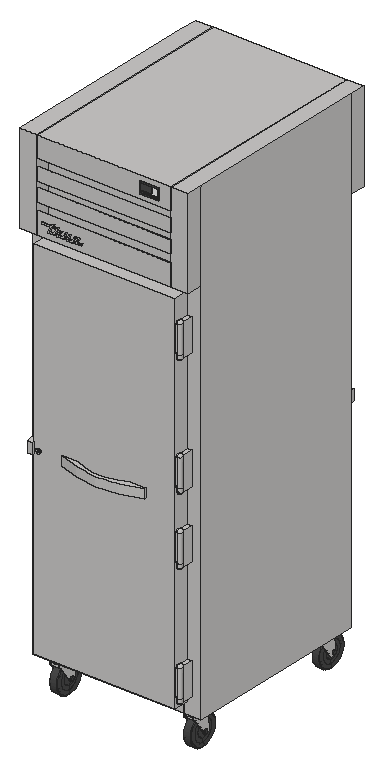
Revit family "QF_TRUE_STG1FPT-1S-1S", category Specialty Equipment, Revit 2012
Parameters
  Weight in Pounds = 0
  Watts = if(Phase = 3, Volts * FL Amps * 1.73, Volts * FL Amps)  # 1000.5 W
  Volts = 115 V
  URL Cutsheet = "www.truemfg.com"
  URL = "www.truemfg.com"
  Type Mark [instance] = ""
  Type Comments = ""
  Status [instance] = ""
  Specification by User [instance] = ""
  Specification by Manufacturer = ""
  Show Seismic Flanged [instance] = no
  Show Logo [instance] = yes
  Show Legs [instance] = no
  Show Clearance [instance] = yes
  Serial Number = ""
  Seismic Rating = ""
  Seismic Plate [instance] = and(Show Seismic Flanged, not(Show Casters))  # no
  SMACNA No = ""
  Revision Code [instance] = ""
  Phase = 1
  Omniclass Number and Title = ""
  Number of Poles [instance] = 1
  NAFEM Spec ID Number = ""
  Model = "STG1FPT-1S-1S"
  Min Ckt Ampacity = 0 A
  Max Overcurrent Protection = 0 A
  Masterspec = ""
  Manufacturer = "TRUE FOOD SERVICE EQUIPMENT, INC."
  Length = 27 1/2"
  Legs [instance] = or(Show Legs, Show Seismic Flanged)  # no
  Item Number [instance] = ""
  Installed By [instance] = ""
  Identify Quantity as Lot [instance] = yes
  Height = 77 3/4"
  HP = "3/4"
  Furnished By [instance] = ""
  Foodservice Equipment Identifier [instance] = yes
  FL Amps = 8.7 A
  Electrical Remarks = ""
  Electric Connection Type [instance] = ""
  Elec Conn RI Height [instance] = 0"
  Elec Conn Connection Height [instance] = 0"
  Description = "PASS-THRU SOLID FRONT/SOLID REAR SWING DOORS FREEZER WITH LED LIGHTING"
  Depth = 36 1/8"
  Cycle = 60 Hz
  Conn Plug = "5-15P"
  Conn Conduit = yes
  Show Casters [instance] = and(not(if(Show Legs, Show Legs, Show Legs)), not(if(Show Legs, Show Legs, Show Seismic Flanged)))  # yes
  CSI MasterFormat = ""
  CSI Master Format = ""
  Apparent Power = if(Phase = 3, Volts * FL Amps * 1.73, Volts * FL Amps)  # 1000.5 VA
Reference planes (in)
  plane 1: z = 0
  plane 2 "LEFT": x = 0
  plane 3 "RIGHT": x = 27.5
  plane 4 "FRONT": y = -33.375
  plane 5 "TOP": z = 84.125
  plane 6: z = 6.125
  plane 7: y = 2.75
  plane 8: y = -56.40625
  plane 9: y = 25.78125
Forms (in)
  Extrusion 1, solid, material "QF_Finishes_Stainless Steel"
    sketch origin (0.05, 0, 0) x (1, 0, 0) y (0, 1, 0)
      loop
        line (-0.05, 0) -> (-0.05, -30.625) -> (2.80938, -30.625) -> (2.80938, 0) -> (-0.05, 0)
    from 6.125 to 84.125
  Extrusion 2, solid, material "QF_Finishes_Stainless Steel"
    sketch origin (50.15, 0, 0) x (1, 0, 0) y (0, 1, 0)
      loop
        line (-25.50937, 0) -> (-25.50937, -30.625) -> (-22.65, -30.625) -> (-22.65, 0) -> (-25.50937, 0)
    from 6.125 to 84.125
  Extrusion 3, solid, material "QF_Finishes_Stainless Steel"
    sketch origin (0, 0, 0) x (0, 1, 0) y (0, 0, 1)
      loop
        line (-33.1875, 69.5) -> (-30.625, 69.5) -> (-30.625, 64.875) -> (0, 64.875) -> (0, 69.5) -> (2.5625, 69.5) -> (2.5625, 73.1597) -> (0.49784, 71.69166) -> (0.49784, 72.96723) -> (2.5625, 74.43527) -> (2.5625, 76.53148) -> (0.49784, 75.06344) -> (0.49784, 76.0242) -> (2.5625, 77.49224) -> (2.5625, 79.62595) -> (0.49784, 78.15791) -> (0.49784, 79.28018) -> (2.5625, 80.74822) -> (2.5625, 84.125) -> (-33.1875, 84.125) -> (-33.1875, 80.68002) -> (-31.125, 79.21352) -> (-31.125, 78.09125) -> (-33.1875, 79.55776) -> (-33.1875, 77.42405) -> (-31.125, 75.95754) -> (-31.125, 74.99678) -> (-33.1875, 76.46328) -> (-33.1875, 74.36708) -> (-31.125, 72.90057) -> (-31.125, 71.625) -> (-33.1875, 73.09151) -> (-33.1875, 69.5)
      loop
        line (-30.625, 6.125) -> (0, 6.125) -> (0, 8.94743) -> (-30.625, 8.94743) -> (-30.625, 6.125)
    from 2.85938 to 24.64062
  Extrusion 4, solid, material "QF_Finishes_Stainless Steel"
    sketch origin (0, 0, 0) x (1, 0, 0) y (0, 1, 0)
      loop
        line (27.45312, -30.625) -> (24.64062, -30.625) -> (24.64062, -33.1875) -> (27.45312, -33.1875) -> (27.45312, -30.625)
    from 69.5 to 84.125
  Extrusion 5, solid, material "QF_Finishes_Stainless Steel"
    sketch origin (-50.125, 0, 0.25) x (1, 0, 0) y (0, 1, 0)
      loop
        line (52.98437, -30.625) -> (50.17188, -30.625) -> (50.17188, -33.1875) -> (52.98437, -33.1875) -> (52.98437, -30.625)
    from 69.25 to 83.875
  Extrusion 6, solid, material "QF_Finishes_Stainless Steel", visible <- "Show Logo"
    sketch origin (0.33478, 1.45673, -6.73143) x (1, 0, 0) y (0, 0, 1)
      loop
        line (3.46044, 78.46231) -> (3.35478, 78.23573) -> (4.76027, 78.23573)
        arc (4.76027, 78.23573) -> (4.78879, 78.18528) -> (4.76027, 78.13484) r 0.05887
        line (4.76027, 78.13484) -> (4.39369, 77.34872)
        arc (4.39369, 77.34872) -> (4.39051, 77.27591) -> (4.43975, 77.22217) r 0.09523
        line (4.43975, 77.22217) -> (5.33844, 77.22217)
        arc (5.33844, 77.22217) -> (5.45192, 77.25795) -> (5.52436, 77.35235) r 0.19785
        line (5.52436, 77.35235) -> (5.81285, 77.97101) -> (6.0779, 77.97101)
        arc (6.0779, 77.97101) -> (6.14744, 77.94543) -> (6.13737, 77.87203) r 0.05911
        line (6.13737, 77.87203) -> (5.89598, 77.35437)
        arc (5.89598, 77.35437) -> (5.89974, 77.2684) -> (5.97231, 77.22217) r 0.09318
        line (5.97231, 77.22217) -> (6.76198, 77.22217)
        arc (6.76198, 77.22217) -> (6.82249, 77.24419) -> (6.85468, 77.29995) r 0.09412
        arc (6.85468, 77.29995) -> (6.87746, 77.24495) -> (6.93246, 77.22217) r 0.07778
        line (6.93246, 77.22217) -> (7.43246, 77.22217)
        arc (7.43246, 77.22217) -> (7.49022, 77.23765) -> (7.53251, 77.27993) r 0.11552
        arc (7.53251, 77.27993) -> (7.55275, 77.23106) -> (7.60162, 77.21081) r 0.06912
        line (7.60162, 77.21081) -> (8.31225, 77.21081)
        arc (8.31225, 77.21081) -> (8.37034, 77.23488) -> (8.39441, 77.29297) r 0.08216
        arc (8.39441, 77.29297) -> (8.44767, 77.23972) -> (8.52042, 77.22022) r 0.14551
        line (8.52042, 77.22022) -> (9.85158, 77.22022) -> (9.99946, 77.47634) -> (8.65678, 77.47634)
        arc (8.65678, 77.47634) -> (8.61972, 77.50204) -> (8.61834, 77.54711) r 0.05009
        line (8.61834, 77.54711) -> (8.64157, 77.59692)
        arc (8.64157, 77.59692) -> (8.67723, 77.64364) -> (8.73327, 77.66135) r 0.09747
        line (8.73327, 77.66135) -> (9.16485, 77.66135)
        arc (9.16485, 77.66135) -> (9.258, 77.68631) -> (9.32619, 77.7545) r 0.1863
        line (9.32619, 77.7545) -> (9.45119, 77.97101)
        arc (9.45119, 77.97101) -> (9.45119, 78.08657) -> (9.35111, 78.14434) r 0.11556
        line (9.35111, 78.14434) -> (8.89562, 78.14434)
        arc (8.89562, 78.14434) -> (8.7795, 78.12462) -> (8.69849, 78.03912) r 0.18605
        line (8.69849, 78.03912) -> (8.48204, 77.57493)
        arc (8.48204, 77.57493) -> (8.41815, 77.49167) -> (8.31806, 77.46011) r 0.1745
        line (8.31806, 77.46011) -> (7.84559, 77.46011)
        arc (7.84559, 77.46011) -> (7.78903, 77.52184) -> (7.79268, 77.60548) r 0.10939
        line (7.79268, 77.60548) -> (8.04395, 78.14434) -> (7.88403, 78.14434) -> (7.61781, 77.57344)
        arc (7.61781, 77.57344) -> (7.56609, 77.50603) -> (7.48505, 77.48048) r 0.14128
        line (7.48505, 77.48048) -> (7.15925, 77.48048)
        arc (7.15925, 77.48048) -> (7.10419, 77.55223) -> (7.116, 77.64189) r 0.11816
        line (7.116, 77.64189) -> (7.3503, 78.14434) -> (7.18514, 78.14434) -> (6.91546, 77.566)
        arc (6.91546, 77.566) -> (6.85285, 77.50339) -> (6.76733, 77.48048) r 0.17104
        line (6.76733, 77.48048) -> (6.29555, 77.48048)
        arc (6.29555, 77.48048) -> (6.21082, 77.51999) -> (6.20267, 77.61313) r 0.0935
        line (6.20267, 77.61313) -> (6.35774, 77.94569) -> (6.57695, 77.94569)
        arc (6.57695, 77.94569) -> (6.61395, 78.05717) -> (6.69267, 78.14434) r 0.2857
        line (6.69267, 78.14434) -> (5.83605, 78.14434)
        arc (5.83605, 78.14434) -> (5.74086, 78.12324) -> (5.67498, 78.05135) r 0.16212
        line (5.67498, 78.05135) -> (5.44279, 77.55341)
        arc (5.44279, 77.55341) -> (5.3894, 77.50002) -> (5.31647, 77.48048) r 0.14586
        line (5.31647, 77.48048) -> (4.80506, 77.48048)
        arc (4.80506, 77.48048) -> (4.76514, 77.53442) -> (4.77274, 77.60109) r 0.09155
        line (4.77274, 77.60109) -> (5.11018, 78.23573) -> (5.96155, 78.23573) -> (6.06721, 78.46231) -> (5.21584, 78.46231) -> (5.32149, 78.68888) -> (5.01862, 78.68888) -> (4.91297, 78.46231) -> (3.46044, 78.46231)
      loop
        arc (8.83805, 77.93863) -> (8.80119, 77.92875) -> (8.7742, 77.90176) r 0.07373
        line (8.7742, 77.90176) -> (8.75229, 77.83436)
        arc (8.75229, 77.83436) -> (8.76245, 77.80983) -> (8.78699, 77.79966) r 0.0347
        line (8.78699, 77.79966) -> (9.15948, 77.79966)
        arc (9.15948, 77.79966) -> (9.18632, 77.80561) -> (9.20812, 77.82234) r 0.0635
        line (9.20812, 77.82234) -> (9.22624, 77.90622)
        arc (9.22624, 77.90622) -> (9.22091, 77.92868) -> (9.20009, 77.93863) r 0.02676
        line (9.20009, 77.93863) -> (8.83805, 77.93863)
    from 34.64423 to 34.83173
  Extrusion 7, solid, material "QF_Finishes_Stainless Steel"
    sketch origin (-25.125, 2.6875, 0) x (1, 0, 0) y (0, 0, 1)
      loop
        circle (49.375, 82) r 0.25
    from 0.23221 to 0.125
  Blend 8, solid, material "QF_Finishes_Stainless Steel"
    base sketch origin (27.53125, 0.1875, -0.03527) x (-1, 0, 0) y (0, 0, -1)
      loop
        line (25.25, -38.99169) -> (26, -38.99169) -> (26, -37.24169) -> (25.25, -37.24169) -> (25.25, -38.99169)
    top sketch origin (27.53125, 0.1875, -0.03527) x (-1, 0, 0) y (0, 0, -1)
      loop
        line (26.18223, -36.6441) -> (25.25, -36.6441) -> (25.25, -39.42643) -> (26.18223, -39.42643) -> (26.18223, -36.6441)
    from 33.57883 to 31.1875
  Extrusion 9, solid, material "QF_Finishes_Stainless Steel"
    sketch origin (26.21875, 0.1875, 0) x (0, 1, 0) y (0, 0, -1)
      loop
        line (-30.8125, -64.55229) -> (-30.8125, -59.23627) -> (-32.875, -59.23627) -> (-32.875, -59.94848) -> (-32.43997, -59.94848) -> (-32.43997, -64.34776)
        arc (-32.43997, -64.34776) -> (-32.38006, -64.49238) -> (-32.23544, -64.55229) r 0.20453
        line (-32.23544, -64.55229) -> (-30.8125, -64.55229)
    from 0.17506 to 1
  Revolve 10, solid, material "QF_Finishes_Stainless Steel"
    sketch origin (25.71875, 0.1875, 0) x (0, 1, 0) y (0, 0, -1)
      loop
        line (-32.89063, -60.00189) -> (-33.29729, -60.00189) -> (-33.29729, -64.4736)
        arc (-33.29729, -64.4736) -> (-33.16222, -64.72557) -> (-32.89063, -64.81483) r 0.3848
        line (-32.89063, -64.81483) -> (-32.89063, -60.00189)
      loop
        line (-32.89063, -59.94848) -> (-32.89063, -59.04781)
        arc (-32.89063, -59.04781) -> (-33.15764, -59.13383) -> (-33.29729, -59.37712) r 0.38884
        line (-33.29729, -59.37712) -> (-33.29729, -59.94848) -> (-32.89063, -59.94848)
      axis (-32.89063, -59.04781) -> (-32.89063, -64.81483)
    angle from 0 to 360
  Extrusion 11, solid, material "QF_Finishes_Stainless Steel"
    sketch origin (27.53125, 0.5625, 0) x (-1, 0, 0) y (0, 0, -1)
      loop
        line (1.91491, -64.4736) -> (2.3125, -64.4736) -> (2.3125, -60.00079) -> (1.91491, -60.00079) -> (1.91491, -64.4736)
    from 32.81497 to 33.59495
  Extrusion 12, solid, material "QF_Finishes_Stainless Steel"
    sketch origin (26.21875, 0.1875, -19.5) x (0, 1, 0) y (0, 0, -1)
      loop
        line (-30.8125, -64.55229) -> (-30.8125, -59.23627) -> (-32.875, -59.23627) -> (-32.875, -59.94848) -> (-32.43997, -59.94848) -> (-32.43997, -64.34776)
        arc (-32.43997, -64.34776) -> (-32.38006, -64.49238) -> (-32.23544, -64.55229) r 0.20453
        line (-32.23544, -64.55229) -> (-30.8125, -64.55229)
    from 0.17506 to 1
  Revolve 13, solid, material "QF_Finishes_Stainless Steel"
    sketch origin (25.71875, 0.1875, -19.5) x (0, 1, 0) y (0, 0, -1)
      loop
        line (-32.89063, -60.00189) -> (-33.29729, -60.00189) -> (-33.29729, -64.4736)
        arc (-33.29729, -64.4736) -> (-33.16222, -64.72557) -> (-32.89063, -64.81483) r 0.3848
        line (-32.89063, -64.81483) -> (-32.89063, -60.00189)
      loop
        line (-32.89063, -59.94848) -> (-32.89063, -59.04781)
        arc (-32.89063, -59.04781) -> (-33.15764, -59.13383) -> (-33.29729, -59.37712) r 0.38884
        line (-33.29729, -59.37712) -> (-33.29729, -59.94848) -> (-32.89063, -59.94848)
      axis (-32.89063, -59.04781) -> (-32.89063, -64.81483)
    angle from 0 to 360
  Extrusion 14, solid, material "QF_Finishes_Stainless Steel"
    sketch origin (27.53125, 0.5625, -19.5) x (-1, 0, 0) y (0, 0, -1)
      loop
        line (1.91491, -64.4736) -> (2.3125, -64.4736) -> (2.3125, -60.00079) -> (1.91491, -60.00079) -> (1.91491, -64.4736)
    from 32.81497 to 33.59495
  Extrusion 15, solid, material "QF_Finishes_Stainless Steel"
    sketch origin (26.21875, 0.1875, -30.5) x (0, 1, 0) y (0, 0, -1)
      loop
        line (-30.8125, -64.55229) -> (-30.8125, -59.23627) -> (-32.875, -59.23627) -> (-32.875, -59.94848) -> (-32.43997, -59.94848) -> (-32.43997, -64.34776)
        arc (-32.43997, -64.34776) -> (-32.38006, -64.49238) -> (-32.23544, -64.55229) r 0.20453
        line (-32.23544, -64.55229) -> (-30.8125, -64.55229)
    from 0.17506 to 1
  Revolve 16, solid, material "QF_Finishes_Stainless Steel"
    sketch origin (25.71875, 0.1875, -30.5) x (0, 1, 0) y (0, 0, -1)
      loop
        line (-32.89063, -60.00189) -> (-33.29729, -60.00189) -> (-33.29729, -64.4736)
        arc (-33.29729, -64.4736) -> (-33.16222, -64.72557) -> (-32.89063, -64.81483) r 0.3848
        line (-32.89063, -64.81483) -> (-32.89063, -60.00189)
      loop
        line (-32.89063, -59.94848) -> (-32.89063, -59.04781)
        arc (-32.89063, -59.04781) -> (-33.15764, -59.13383) -> (-33.29729, -59.37712) r 0.38884
        line (-33.29729, -59.37712) -> (-33.29729, -59.94848) -> (-32.89063, -59.94848)
      axis (-32.89063, -59.04781) -> (-32.89063, -64.81483)
    angle from 0 to 360
  Extrusion 17, solid, material "QF_Finishes_Stainless Steel"
    sketch origin (27.53125, 0.5625, -30.5) x (-1, 0, 0) y (0, 0, -1)
      loop
        line (1.91491, -64.4736) -> (2.3125, -64.4736) -> (2.3125, -60.00079) -> (1.91491, -60.00079) -> (1.91491, -64.4736)
    from 32.81497 to 33.59495
  Extrusion 18, solid, material "QF_Finishes_Stainless Steel"
    sketch origin (26.21875, 0.1875, -50.25) x (0, 1, 0) y (0, 0, -1)
      loop
        line (-30.8125, -64.55229) -> (-30.8125, -59.23627) -> (-32.875, -59.23627) -> (-32.875, -59.94848) -> (-32.43997, -59.94848) -> (-32.43997, -64.34776)
        arc (-32.43997, -64.34776) -> (-32.38006, -64.49238) -> (-32.23544, -64.55229) r 0.20453
        line (-32.23544, -64.55229) -> (-30.8125, -64.55229)
    from 0.17506 to 1
  Revolve 19, solid, material "QF_Finishes_Stainless Steel"
    sketch origin (25.71875, 0.1875, -50.25) x (0, 1, 0) y (0, 0, -1)
      loop
        line (-32.89063, -60.00189) -> (-33.29729, -60.00189) -> (-33.29729, -64.4736)
        arc (-33.29729, -64.4736) -> (-33.16222, -64.72557) -> (-32.89063, -64.81483) r 0.3848
        line (-32.89063, -64.81483) -> (-32.89063, -60.00189)
      loop
        line (-32.89063, -59.94848) -> (-32.89063, -59.04781)
        arc (-32.89063, -59.04781) -> (-33.15764, -59.13383) -> (-33.29729, -59.37712) r 0.38884
        line (-33.29729, -59.37712) -> (-33.29729, -59.94848) -> (-32.89063, -59.94848)
      axis (-32.89063, -59.04781) -> (-32.89063, -64.81483)
    angle from 0 to 360
  Extrusion 20, solid, material "QF_Finishes_Stainless Steel"
    sketch origin (27.53125, 0.5625, -50.25) x (-1, 0, 0) y (0, 0, -1)
      loop
        line (1.91491, -64.4736) -> (2.3125, -64.4736) -> (2.3125, -60.00079) -> (1.91491, -60.00079) -> (1.91491, -64.4736)
    from 32.81497 to 33.59495
  Revolve 21, solid, material "QF_Finishes_Black", visible <- "Show Casters"
    sketch origin (22.65625, -27.375, 0) x (1, 0, 0) y (0, 0, 1)
      loop
        line (1.475, 5) -> (1.375, 4.9) -> (1.375, 4.29941) -> (1.53601, 4.29941) -> (1.53601, 3.54941) -> (1.375, 3.54941) -> (1.375, 2.79941) -> (0.975, 2.79941) -> (0.975, 2.5) -> (3.025, 2.5) -> (3.025, 2.79941) -> (2.62908, 2.79941) -> (2.62908, 3.54941) -> (2.46399, 3.54941) -> (2.46399, 4.29941) -> (2.62908, 4.29941) -> (2.62908, 4.89592) -> (2.525, 5) -> (1.475, 5)
      axis (3.025, 2.5) -> (0.975, 2.5)
    angle from 0 to 360
  Extrusion 22, solid, material "QF_Finishes_Stainless Steel", visible <- "Show Casters"
    sketch origin (22.65625, 0, 0) x (0, 1, 0) y (0, 0, 1)
      loop
        line (-29.57636, 5.48574) -> (-29.57636, 4.88089) -> (-29.32636, 4.88089) -> (-27.57716, 2.18736)
        arc (-27.57716, 2.18736) -> (-26.86383, 1.94868) -> (-26.47081, 2.59003) r 0.60416
        line (-26.47081, 2.59003) -> (-26.82636, 5.48574) -> (-29.57636, 5.48574)
      loop
        line (-3.8577, 5.48574) -> (-3.8577, 4.88089) -> (-3.6077, 4.88089) -> (-1.8585, 2.18736)
        arc (-1.8585, 2.18736) -> (-1.14517, 1.94868) -> (-0.75215, 2.59003) r 0.60416
        line (-0.75215, 2.59003) -> (-1.1077, 5.48574) -> (-3.8577, 5.48574)
    from 1.175 to 1.325
  Extrusion 23, solid, material "QF_Finishes_Stainless Steel", visible <- "Show Casters"
    sketch origin (24.15625, 0, 0) x (0, 1, 0) y (0, 0, 1)
      loop
        line (-29.57636, 5.48574) -> (-29.57636, 4.88089) -> (-29.32636, 4.88089) -> (-27.57716, 2.18736)
        arc (-27.57716, 2.18736) -> (-26.86383, 1.94868) -> (-26.47081, 2.59003) r 0.60416
        line (-26.47081, 2.59003) -> (-26.82636, 5.48574) -> (-29.57636, 5.48574)
      loop
        line (-3.8577, 5.48574) -> (-3.8577, 4.88089) -> (-3.6077, 4.88089) -> (-1.8585, 2.18736)
        arc (-1.8585, 2.18736) -> (-1.14517, 1.94868) -> (-0.75215, 2.59003) r 0.60416
        line (-0.75215, 2.59003) -> (-1.1077, 5.48574) -> (-3.8577, 5.48574)
    from 1.175 to 1.325
  Revolve 24, solid, material "QF_Finishes_Stainless Steel", visible <- "Show Casters"
    sketch origin (22.65625, -28.57636, -0.5) x (1, 0, 0) y (0, 0, 1)
      loop
        line (2, 5.98574) -> (2, 6.625) -> (0.70293, 6.625) -> (0.70293, 5.98574) -> (2, 5.98574)
      axis (2, 5.98574) -> (2, 6.625)
    angle from 0 to 360
  Revolve 25, solid, material "QF_Finishes_Stainless Steel", visible <- "Legs"
    sketch origin (22.65625, -2.69102, 0) x (1, 0, 0) y (0, 0, 1)
      loop
        line (2, 6.125) -> (0.66662, 6.125) -> (1.25, 1) -> (1.5, 1) -> (1.5, 0) -> (2, 0) -> (2, 6.125)
      axis (2, 0) -> (2, 6.125)
    angle from 0 to 360
  Revolve 26, solid, material "QF_Finishes_Stainless Steel", visible <- "Legs"
    sketch origin (22.65625, -28.65977, 0) x (1, 0, 0) y (0, 0, 1)
      loop
        line (2, 6.125) -> (0.66662, 6.125) -> (1.25, 1) -> (1.5, 1) -> (1.5, 0) -> (2, 0) -> (2, 6.125)
      axis (2, 0) -> (2, 6.125)
    angle from 0 to 360
  Revolve 27, solid, material "QF_Finishes_Stainless Steel", visible <- "Show Casters"
    sketch origin (22.65625, -2.4827, -0.5) x (1, 0, 0) y (0, 0, 1)
      loop
        line (2, 5.98574) -> (2, 6.625) -> (0.70293, 6.625) -> (0.70293, 5.98574) -> (2, 5.98574)
      axis (2, 5.98574) -> (2, 6.625)
    angle from 0 to 360
  Extrusion 28, solid, material "QF_Finishes_Stainless Steel", visible <- "Show Casters"
    sketch origin (-25.125, 0, 0) x (0, 1, 0) y (0, 0, 1)
      loop
        line (-29.57636, 5.48574) -> (-29.57636, 4.88089) -> (-29.32636, 4.88089) -> (-26.79033, 5.19227) -> (-26.82636, 5.48574) -> (-29.57636, 5.48574)
      loop
        line (-3.8577, 5.48574) -> (-3.8577, 4.88089) -> (-3.6077, 4.88089) -> (-1.07167, 5.19227) -> (-1.1077, 5.48574) -> (-3.8577, 5.48574)
    from 49.10625 to 50.45625
  Revolve 29, solid, material "QF_Finishes_Black", visible <- "Show Casters"
    sketch origin (22.65625, -1.21875, 0) x (1, 0, 0) y (0, 0, 1)
      loop
        line (1.475, 5) -> (1.375, 4.9) -> (1.375, 4.29941) -> (1.53601, 4.29941) -> (1.53601, 3.54941) -> (1.375, 3.54941) -> (1.375, 2.79941) -> (0.975, 2.79941) -> (0.975, 2.5) -> (3.025, 2.5) -> (3.025, 2.79941) -> (2.62908, 2.79941) -> (2.62908, 3.54941) -> (2.46399, 3.54941) -> (2.46399, 4.29941) -> (2.62908, 4.29941) -> (2.62908, 4.89592) -> (2.525, 5) -> (1.475, 5)
      axis (3.025, 2.5) -> (0.975, 2.5)
    angle from 0 to 360
  Revolve 30, solid, material "QF_Finishes_Black", visible <- "Show Casters"
    sketch origin (0.84375, -27.375, 0) x (1, 0, 0) y (0, 0, 1)
      loop
        line (1.475, 5) -> (1.375, 4.9) -> (1.375, 4.29941) -> (1.53601, 4.29941) -> (1.53601, 3.54941) -> (1.375, 3.54941) -> (1.375, 2.79941) -> (0.975, 2.79941) -> (0.975, 2.5) -> (3.025, 2.5) -> (3.025, 2.79941) -> (2.62908, 2.79941) -> (2.62908, 3.54941) -> (2.46399, 3.54941) -> (2.46399, 4.29941) -> (2.62908, 4.29941) -> (2.62908, 4.89592) -> (2.525, 5) -> (1.475, 5)
      axis (3.025, 2.5) -> (0.975, 2.5)
    angle from 0 to 360
  Extrusion 31, solid, material "QF_Finishes_Stainless Steel", visible <- "Show Casters"
    sketch origin (0.84375, 0, 0) x (0, 1, 0) y (0, 0, 1)
      loop
        line (-29.57636, 5.48574) -> (-29.57636, 4.88089) -> (-29.32636, 4.88089) -> (-27.57716, 2.18736)
        arc (-27.57716, 2.18736) -> (-26.86383, 1.94868) -> (-26.47081, 2.59003) r 0.60416
        line (-26.47081, 2.59003) -> (-26.82636, 5.48574) -> (-29.57636, 5.48574)
      loop
        line (-3.8577, 5.48574) -> (-3.8577, 4.88089) -> (-3.6077, 4.88089) -> (-1.8585, 2.18736)
        arc (-1.8585, 2.18736) -> (-1.14517, 1.94868) -> (-0.75215, 2.59003) r 0.60416
        line (-0.75215, 2.59003) -> (-1.1077, 5.48574) -> (-3.8577, 5.48574)
    from 1.175 to 1.325
  Extrusion 32, solid, material "QF_Finishes_Stainless Steel", visible <- "Show Casters"
    sketch origin (2.34375, 0, 0) x (0, 1, 0) y (0, 0, 1)
      loop
        line (-29.57636, 5.48574) -> (-29.57636, 4.88089) -> (-29.32636, 4.88089) -> (-27.57716, 2.18736)
        arc (-27.57716, 2.18736) -> (-26.86383, 1.94868) -> (-26.47081, 2.59003) r 0.60416
        line (-26.47081, 2.59003) -> (-26.82636, 5.48574) -> (-29.57636, 5.48574)
      loop
        line (-3.8577, 5.48574) -> (-3.8577, 4.88089) -> (-3.6077, 4.88089) -> (-1.8585, 2.18736)
        arc (-1.8585, 2.18736) -> (-1.14517, 1.94868) -> (-0.75215, 2.59003) r 0.60416
        line (-0.75215, 2.59003) -> (-1.1077, 5.48574) -> (-3.8577, 5.48574)
    from 1.175 to 1.325
  Revolve 33, solid, material "QF_Finishes_Stainless Steel", visible <- "Show Casters"
    sketch origin (0.84375, -28.57636, -0.5) x (1, 0, 0) y (0, 0, 1)
      loop
        line (2, 5.98574) -> (2, 6.625) -> (0.70293, 6.625) -> (0.70293, 5.98574) -> (2, 5.98574)
      axis (2, 5.98574) -> (2, 6.625)
    angle from 0 to 360
  Revolve 34, solid, material "QF_Finishes_Stainless Steel", visible <- "Legs"
    sketch origin (0.84375, -2.69102, 0) x (1, 0, 0) y (0, 0, 1)
      loop
        line (2, 6.125) -> (0.66662, 6.125) -> (1.25, 1) -> (1.5, 1) -> (1.5, 0) -> (2, 0) -> (2, 6.125)
      axis (2, 0) -> (2, 6.125)
    angle from 0 to 360
  Revolve 35, solid, material "QF_Finishes_Stainless Steel", visible <- "Legs"
    sketch origin (0.84375, -28.65977, 0) x (1, 0, 0) y (0, 0, 1)
      loop
        line (2, 6.125) -> (0.66662, 6.125) -> (1.25, 1) -> (1.5, 1) -> (1.5, 0) -> (2, 0) -> (2, 6.125)
      axis (2, 0) -> (2, 6.125)
    angle from 0 to 360
  Revolve 36, solid, material "QF_Finishes_Stainless Steel", visible <- "Show Casters"
    sketch origin (0.84375, -2.4827, -0.5) x (1, 0, 0) y (0, 0, 1)
      loop
        line (2, 5.98574) -> (2, 6.625) -> (0.70293, 6.625) -> (0.70293, 5.98574) -> (2, 5.98574)
      axis (2, 5.98574) -> (2, 6.625)
    angle from 0 to 360
  Extrusion 37, solid, material "QF_Finishes_Stainless Steel", visible <- "Show Casters"
    sketch origin (-46.9375, 0, 0) x (0, 1, 0) y (0, 0, 1)
      loop
        line (-29.57636, 5.48574) -> (-29.57636, 4.88089) -> (-29.32636, 4.88089) -> (-26.79033, 5.19227) -> (-26.82636, 5.48574) -> (-29.57636, 5.48574)
      loop
        line (-3.8577, 5.48574) -> (-3.8577, 4.88089) -> (-3.6077, 4.88089) -> (-1.07167, 5.19227) -> (-1.1077, 5.48574) -> (-3.8577, 5.48574)
    from 49.10625 to 50.45625
  Revolve 38, solid, material "QF_Finishes_Black", visible <- "Show Casters"
    sketch origin (0.84375, -1.21875, 0) x (1, 0, 0) y (0, 0, 1)
      loop
        line (1.475, 5) -> (1.375, 4.9) -> (1.375, 4.29941) -> (1.53601, 4.29941) -> (1.53601, 3.54941) -> (1.375, 3.54941) -> (1.375, 2.79941) -> (0.975, 2.79941) -> (0.975, 2.5) -> (3.025, 2.5) -> (3.025, 2.79941) -> (2.62908, 2.79941) -> (2.62908, 3.54941) -> (2.46399, 3.54941) -> (2.46399, 4.29941) -> (2.62908, 4.29941) -> (2.62908, 4.89592) -> (2.525, 5) -> (1.475, 5)
      axis (3.025, 2.5) -> (0.975, 2.5)
    angle from 0 to 360
  Extrusion 39, solid, material "QF_Finishes_Stainless Steel"
    sketch origin (0, -31.375, 0) x (1, 0, 0) y (0, 1, 0)
      loop
        line (27.45312, 31.375) -> (27.45312, 33.9375) -> (24.64062, 33.9375) -> (24.64062, 31.375) -> (27.45312, 31.375)
    from 69.5 to 84.125
  Extrusion 40, solid, material "QF_Finishes_Stainless Steel"
    sketch origin (-50.125, -31, 0.25) x (1, 0, 0) y (0, 1, 0)
      loop
        line (52.98437, 31) -> (52.98437, 33.5625) -> (50.17188, 33.5625) -> (50.17188, 31) -> (52.98437, 31)
    from 69.25 to 83.875
  Extrusion 41, solid, material "QF_Finishes_Stainless Steel"
    sketch origin (1.28125, -31.17295, 0) x (0, -1, 0) y (0, 0, -1)
      loop
        line (-31.17295, -64.55229) -> (-31.17295, -59.23627) -> (-33.25, -59.23627) -> (-33.25, -59.94848) -> (-32.81497, -59.94848) -> (-32.81497, -64.34776)
        arc (-32.81497, -64.34776) -> (-32.75506, -64.49238) -> (-32.61044, -64.55229) r 0.20453
        line (-32.61044, -64.55229) -> (-31.17295, -64.55229)
    from 0.17506 to 1
  Revolve 42, solid, material "QF_Finishes_Stainless Steel"
    sketch origin (1.78125, -31.17295, 0) x (0, -1, 0) y (0, 0, -1)
      loop
        line (-33.26563, -60.00189) -> (-33.67229, -60.00189) -> (-33.67229, -64.4736)
        arc (-33.67229, -64.4736) -> (-33.53722, -64.72557) -> (-33.26563, -64.81483) r 0.3848
        line (-33.26563, -64.81483) -> (-33.26563, -60.00189)
      loop
        line (-33.26563, -59.94848) -> (-33.26563, -59.04781)
        arc (-33.26563, -59.04781) -> (-33.53264, -59.13383) -> (-33.67229, -59.37712) r 0.38884
        line (-33.67229, -59.37712) -> (-33.67229, -59.94848) -> (-33.26563, -59.94848)
      axis (-33.26563, -59.04781) -> (-33.26563, -64.81483)
    angle from 0 to 360
  Extrusion 43, solid, material "QF_Finishes_Stainless Steel"
    sketch origin (-0.03125, -31.17295, 0) x (1, 0, 0) y (0, 0, -1)
      loop
        line (1.91491, -64.4736) -> (2.3125, -64.4736) -> (2.3125, -60.00079) -> (1.91491, -60.00079) -> (1.91491, -64.4736)
    from 32.81497 to 33.59495
  Extrusion 44, solid, material "QF_Finishes_Stainless Steel"
    sketch origin (1.28125, -31.17295, -19.5) x (0, -1, 0) y (0, 0, -1)
      loop
        line (-31.17295, -64.55229) -> (-31.17295, -59.23627) -> (-33.25, -59.23627) -> (-33.25, -59.94848) -> (-32.81497, -59.94848) -> (-32.81497, -64.34776)
        arc (-32.81497, -64.34776) -> (-32.75506, -64.49238) -> (-32.61044, -64.55229) r 0.20453
        line (-32.61044, -64.55229) -> (-31.17295, -64.55229)
    from 0.17506 to 1
  Revolve 45, solid, material "QF_Finishes_Stainless Steel"
    sketch origin (1.78125, -31.17295, -19.5) x (0, -1, 0) y (0, 0, -1)
      loop
        line (-33.26563, -60.00189) -> (-33.67229, -60.00189) -> (-33.67229, -64.4736)
        arc (-33.67229, -64.4736) -> (-33.53722, -64.72557) -> (-33.26563, -64.81483) r 0.3848
        line (-33.26563, -64.81483) -> (-33.26563, -60.00189)
      loop
        line (-33.26563, -59.94848) -> (-33.26563, -59.04781)
        arc (-33.26563, -59.04781) -> (-33.53264, -59.13383) -> (-33.67229, -59.37712) r 0.38884
        line (-33.67229, -59.37712) -> (-33.67229, -59.94848) -> (-33.26563, -59.94848)
      axis (-33.26563, -59.04781) -> (-33.26563, -64.81483)
    angle from 0 to 360
  Extrusion 46, solid, material "QF_Finishes_Stainless Steel"
    sketch origin (-0.03125, -31.17295, -19.5) x (1, 0, 0) y (0, 0, -1)
      loop
        line (1.91491, -64.4736) -> (2.3125, -64.4736) -> (2.3125, -60.00079) -> (1.91491, -60.00079) -> (1.91491, -64.4736)
    from 32.81497 to 33.59495
  Extrusion 47, solid, material "QF_Finishes_Stainless Steel"
    sketch origin (1.28125, -31.17295, -30.5) x (0, -1, 0) y (0, 0, -1)
      loop
        line (-31.17295, -64.55229) -> (-31.17295, -59.23627) -> (-33.25, -59.23627) -> (-33.25, -59.94848) -> (-32.81497, -59.94848) -> (-32.81497, -64.34776)
        arc (-32.81497, -64.34776) -> (-32.75506, -64.49238) -> (-32.61044, -64.55229) r 0.20453
        line (-32.61044, -64.55229) -> (-31.17295, -64.55229)
    from 0.17506 to 1
  Revolve 48, solid, material "QF_Finishes_Stainless Steel"
    sketch origin (1.78125, -31.17295, -30.5) x (0, -1, 0) y (0, 0, -1)
      loop
        line (-33.26563, -60.00189) -> (-33.67229, -60.00189) -> (-33.67229, -64.4736)
        arc (-33.67229, -64.4736) -> (-33.53722, -64.72557) -> (-33.26563, -64.81483) r 0.3848
        line (-33.26563, -64.81483) -> (-33.26563, -60.00189)
      loop
        line (-33.26563, -59.94848) -> (-33.26563, -59.04781)
        arc (-33.26563, -59.04781) -> (-33.53264, -59.13383) -> (-33.67229, -59.37712) r 0.38884
        line (-33.67229, -59.37712) -> (-33.67229, -59.94848) -> (-33.26563, -59.94848)
      axis (-33.26563, -59.04781) -> (-33.26563, -64.81483)
    angle from 0 to 360
  Extrusion 49, solid, material "QF_Finishes_Stainless Steel"
    sketch origin (-0.03125, -31.17295, -30.5) x (1, 0, 0) y (0, 0, -1)
      loop
        line (1.91491, -64.4736) -> (2.3125, -64.4736) -> (2.3125, -60.00079) -> (1.91491, -60.00079) -> (1.91491, -64.4736)
    from 32.81497 to 33.59495
  Extrusion 50, solid, material "QF_Finishes_Stainless Steel"
    sketch origin (1.28125, -31.17295, -50.25) x (0, -1, 0) y (0, 0, -1)
      loop
        line (-31.17295, -64.55229) -> (-31.17295, -59.23627) -> (-33.25, -59.23627) -> (-33.25, -59.94848) -> (-32.81497, -59.94848) -> (-32.81497, -64.34776)
        arc (-32.81497, -64.34776) -> (-32.75506, -64.49238) -> (-32.61044, -64.55229) r 0.20453
        line (-32.61044, -64.55229) -> (-31.17295, -64.55229)
    from 0.17506 to 1
  Revolve 51, solid, material "QF_Finishes_Stainless Steel"
    sketch origin (1.78125, -31.17295, -50.25) x (0, -1, 0) y (0, 0, -1)
      loop
        line (-33.26563, -60.00189) -> (-33.67229, -60.00189) -> (-33.67229, -64.4736)
        arc (-33.67229, -64.4736) -> (-33.53722, -64.72557) -> (-33.26563, -64.81483) r 0.3848
        line (-33.26563, -64.81483) -> (-33.26563, -60.00189)
      loop
        line (-33.26563, -59.94848) -> (-33.26563, -59.04781)
        arc (-33.26563, -59.04781) -> (-33.53264, -59.13383) -> (-33.67229, -59.37712) r 0.38884
        line (-33.67229, -59.37712) -> (-33.67229, -59.94848) -> (-33.26563, -59.94848)
      axis (-33.26563, -59.04781) -> (-33.26563, -64.81483)
    angle from 0 to 360
  Extrusion 52, solid, material "QF_Finishes_Stainless Steel"
    sketch origin (-0.03125, -31.17295, -50.25) x (1, 0, 0) y (0, 0, -1)
      loop
        line (1.91491, -64.4736) -> (2.3125, -64.4736) -> (2.3125, -60.00079) -> (1.91491, -60.00079) -> (1.91491, -64.4736)
    from 32.81497 to 33.59495
  Blend 53, solid, material "QF_Finishes_Stainless Steel"
    base sketch origin (-0.03125, -31.17295, 0.48974) x (1, 0, 0) y (0, 0, -1)
      loop
        line (25.25, -38.99169) -> (26, -38.99169) -> (26, -37.24169) -> (25.25, -37.24169) -> (25.25, -38.99169)
    top sketch origin (-0.03125, -31.17295, 0.48974) x (1, 0, 0) y (0, 0, -1)
      loop
        line (26.18223, -36.6441) -> (25.25, -36.6441) -> (25.25, -39.42643) -> (26.18223, -39.42643) -> (26.18223, -36.6441)
    from 33.57883 to 31.17295
  Extrusion 54, solid, material "QF_Finishes_White"
    sketch origin (-23.16691, 1.43876, 1.58022) x (1, 0, 0) y (0, 0, 1)
      loop
        line (42.94232, 81.73227) -> (42.94232, 79.98496) -> (45.84857, 79.98496) -> (45.84857, 81.73227) -> (42.94232, 81.73227)
    from 34.62626 to 34.72001
  Extrusion 55, solid, material "QF_Finishes_Black"
    sketch origin (-23.16691, 1.43876, 1.58022) x (1, 0, 0) y (0, 0, 1)
      loop
        line (45.91107, 81.79477) -> (42.87982, 81.79477) -> (42.87982, 79.92246) -> (45.91107, 79.92246) -> (45.91107, 81.79477)
      loop
        spline (43.07982, 80.25372) -> (43.08833, 80.23754) -> (43.11331, 80.22247) -> (43.15304, 80.20952) -> (43.20482, 80.19959) -> (43.26511, 80.19335) -> (43.32982, 80.19122) -> (43.39452, 80.19335) -> (43.45482, 80.19959) -> (43.50659, 80.20952) -> (43.54632, 80.22247) -> (43.5713, 80.23754) -> (43.57982, 80.25372)
        spline (43.57982, 80.25372) -> (43.5713, 80.26989) -> (43.54632, 80.28497) -> (43.50659, 80.29791) -> (43.45482, 80.30784) -> (43.39452, 80.31409) -> (43.32982, 80.31622) -> (43.26511, 80.31409) -> (43.20482, 80.30784) -> (43.15304, 80.29791) -> (43.11331, 80.28497) -> (43.08833, 80.26989) -> (43.07982, 80.25372)
      loop
        spline (43.77583, 80.25372) -> (43.78435, 80.23754) -> (43.80932, 80.22247) -> (43.84905, 80.20952) -> (43.90083, 80.19959) -> (43.96112, 80.19335) -> (44.02583, 80.19122) -> (44.09053, 80.19335) -> (44.15083, 80.19959) -> (44.20261, 80.20952) -> (44.24234, 80.22247) -> (44.26731, 80.23754) -> (44.27583, 80.25372)
        spline (44.27583, 80.25372) -> (44.26731, 80.26989) -> (44.24234, 80.28497) -> (44.20261, 80.29791) -> (44.15083, 80.30784) -> (44.09053, 80.31409) -> (44.02583, 80.31622) -> (43.96112, 80.31409) -> (43.90083, 80.30784) -> (43.84905, 80.29791) -> (43.80932, 80.28497) -> (43.78435, 80.26989) -> (43.77583, 80.25372)
      loop
        spline (44.52583, 80.25372) -> (44.53435, 80.23754) -> (44.55932, 80.22247) -> (44.59905, 80.20952) -> (44.65083, 80.19959) -> (44.71112, 80.19335) -> (44.77583, 80.19122) -> (44.84053, 80.19335) -> (44.90083, 80.19959) -> (44.95261, 80.20952) -> (44.99234, 80.22247) -> (45.01731, 80.23754) -> (45.02583, 80.25372)
        spline (45.02583, 80.25372) -> (45.01731, 80.26989) -> (44.99234, 80.28497) -> (44.95261, 80.29791) -> (44.90083, 80.30784) -> (44.84053, 80.31409) -> (44.77583, 80.31622) -> (44.71112, 80.31409) -> (44.65083, 80.30784) -> (44.59905, 80.29791) -> (44.55932, 80.28497) -> (44.53435, 80.26989) -> (44.52583, 80.25372)
      loop
        line (43.07981, 81.59478) -> (43.07981, 80.59478) -> (44.77933, 80.59478) -> (44.77933, 81.59478) -> (43.07981, 81.59478)
      loop
        line (45.84857, 81.73227) -> (42.94232, 81.73227) -> (42.94232, 79.98496) -> (45.84857, 79.98496) -> (45.84857, 81.73227)
      loop
        spline (45.27583, 80.25372) -> (45.28435, 80.23754) -> (45.30932, 80.22247) -> (45.34905, 80.20952) -> (45.40083, 80.19959) -> (45.46112, 80.19335) -> (45.52583, 80.19122) -> (45.59053, 80.19335) -> (45.65083, 80.19959) -> (45.70261, 80.20952) -> (45.74234, 80.22247) -> (45.76731, 80.23754) -> (45.77583, 80.25372)
        spline (45.77583, 80.25372) -> (45.76731, 80.26989) -> (45.74234, 80.28497) -> (45.70261, 80.29791) -> (45.65083, 80.30784) -> (45.59053, 80.31409) -> (45.52583, 80.31622) -> (45.46112, 80.31409) -> (45.40083, 80.30784) -> (45.34905, 80.29791) -> (45.30932, 80.28497) -> (45.28435, 80.26989) -> (45.27583, 80.25372)
    from 34.62626 to 34.81376
  Extrusion 56, solid, material "QF_Door-Drawer Clearances", visible <- "Show Clearance", detail levels coarse
    sketch origin (26.42841, -3.6098, 0) x (1, 0, 0) y (0, 1, 0)
      loop
        line (-1.20966, -29.5777) -> (-24.14716, -29.5777)
        arc (-24.14716, -29.5777) -> (-17.46135, -45.91208) -> (-1.20966, -52.79645) r 23.16676
        line (-1.20966, -52.79645) -> (-1.20966, -29.5777)
      loop
        line (-24.14716, 6.1723) -> (-1.20966, 6.1723)
        arc (-1.20966, 6.1723) -> (-7.89547, 22.50667) -> (-24.14716, 29.39105) r 23.16676
        line (-24.14716, 29.39105) -> (-24.14716, 6.1723)
    from 8.03125 to 67.96875
  Extrusion 57, solid, material "QF_Finishes_Stainless Steel"
    sketch origin (-25.125, -31, -0.71875) x (1, 0, 0) y (0, 0, -1)
      loop
        line (27.40625, -68.6875) -> (50.34375, -68.6875) -> (50.34375, -8.75) -> (27.40625, -8.75) -> (27.40625, -68.6875)
    from 31 to 33.5625
  Extrusion 58, solid, material "QF_Finishes_Stainless Steel"
    sketch origin (-25.125, 0.5167, -0.71875) x (1, 0, 0) y (0, 0, 1)
      loop
        line (27.40625, 8.75) -> (50.34375, 8.75) -> (50.34375, 68.6875) -> (27.40625, 68.6875) -> (27.40625, 8.75)
    from 31.1417 to 33.7042
  Extrusion 59, solid, material "QF_Finishes_Stainless Steel"
    sketch origin (-33.325, -30.9375, 26.37269) x (-1, 0, 0) y (0, -1, 0)
      loop
        line (-53.875, -33.5) -> (-53.875, -33.7122)
        arc (-53.875, -33.7122) -> (-47.075, -35.15625) -> (-40.275, -33.7122) r 16.7325
        line (-40.275, -33.7122) -> (-40.275, -33.5) -> (-42.65351, -33.5)
        arc (-42.65351, -33.5) -> (-47.075, -34.67036) -> (-51.49649, -33.5) r 8.93715
        line (-51.49649, -33.5) -> (-53.875, -33.5)
    from 10.87731 to 12.37731
  Extrusion 60, solid, material "QF_Finishes_Stainless Steel"
    sketch origin (50.875, -31.19658, -2.0625) x (-1, 0, 0) y (0, 0, 1)
      loop
        circle (26.4375, 40.0625) r 0.35
      loop
        line (26.47265, 40.33635) -> (26.41715, 40.33635) -> (26.41715, 39.76895) -> (26.47265, 39.76895) -> (26.47265, 40.33635)
    from 33.75908 to 33.82158
  Extrusion 61, solid, material "QF_Finishes_Stainless Steel", visible <- "Seismic Plate"
    sketch origin (-0.22541, -26.96562, 0) x (1, 0, 0) y (0, 1, 0)
      loop
        circle (3.06916, -1.31916) r 1.5
    from 0 to 0.25
  Extrusion 62, solid, material "QF_Finishes_Stainless Steel", visible <- "Seismic Plate"
    sketch origin (-0.22541, -0.99687, 0) x (1, 0, 0) y (0, 1, 0)
      loop
        circle (3.06916, -1.69416) r 1.5
    from 0 to 0.25
  Extrusion 63, solid, material "QF_Finishes_Stainless Steel", visible <- "Seismic Plate"
    sketch origin (21.58709, -0.99687, 0) x (1, 0, 0) y (0, 1, 0)
      loop
        circle (3.06916, -1.69416) r 1.5
    from 0 to 0.25
  Extrusion 64, solid, material "QF_Finishes_Stainless Steel", visible <- "Seismic Plate"
    sketch origin (21.58709, -26.96562, 0) x (1, 0, 0) y (0, 1, 0)
      loop
        circle (3.06916, -1.31916) r 1.5
    from 0 to 0.25
  Extrusion 65, solid, material "QF_Finishes_Stainless Steel"
    sketch origin (60.825, -0.0625, 26.37269) x (1, 0, 0) y (0, 1, 0)
      loop
        line (-53.875, -33.125) -> (-53.875, -33.3372)
        arc (-53.875, -33.3372) -> (-47.075, -34.78125) -> (-40.275, -33.3372) r 16.7325
        line (-40.275, -33.3372) -> (-40.275, -33.125) -> (-42.65351, -33.125)
        arc (-42.65351, -33.125) -> (-47.075, -34.29536) -> (-51.49649, -33.125) r 8.93715
        line (-51.49649, -33.125) -> (-53.875, -33.125)
    from 10.87731 to 12.37731
  Extrusion 66, solid, material "QF_Finishes_Stainless Steel"
    sketch origin (-23.375, 0.57158, -2.0625) x (1, 0, 0) y (0, 0, 1)
      loop
        circle (26.4375, 40.0625) r 0.35
      loop
        line (26.47265, 40.33635) -> (26.41715, 40.33635) -> (26.41715, 39.76895) -> (26.47265, 39.76895) -> (26.47265, 40.33635)
    from 33.75908 to 33.82158
Cuts and joins
  joined: Extrusion 1, Extrusion 2, Extrusion 4, Extrusion 5, Extrusion 39, Extrusion 40
Lines and regions (in)
  symbolic lines
    curve 1: line (0, 0, 0) -> (27.5, 0, 0)
    curve 2: line (0, -33.1875, 0) -> (0, 2.5625, 0)
    curve 3: line (27.5, -33.1875, 0) -> (0, -33.1875, 0)
    curve 4: line (27.5, 2.5625, 0) -> (27.5, -33.1875, 0)
    curve 5: line (27.5, -30.625, 0) -> (0, -30.625, 0)
    curve 7: line (0, 2.5625, 0) -> (27.5, 2.5625, 0)
    curve 8: line (3.68957, -33.375, 0) -> (10.33424, -33.375, 0)
    curve 9: line (3.68957, -33.1875, 0) -> (3.68957, -33.375, 0)
    curve 10: line (10.33424, -33.1875, 0) -> (10.33424, -33.375, 0)
    curve 11: line (19.7129, -33.1875, 0) -> (19.7129, -33.375, 0)
    curve 12: line (22.74415, -33.375, 0) -> (22.74415, -33.1875, 0)
    curve 13: line (19.7129, -33.375, 0) -> (22.74415, -33.375, 0)
    curve 14: line (23.81043, 2.75, 0) -> (17.16576, 2.75, 0)
    curve 15: line (23.81043, 2.5625, 0) -> (23.81043, 2.75, 0)
    curve 16: line (17.16576, 2.5625, 0) -> (17.16576, 2.75, 0)
    curve 36: arc (20.625, 2.7747, 0) -> (13.825, 4.21875, 0) -> (7.025, 2.7747, 0) r 16.7325
    curve 37: arc (9.40351, 2.5625, 0) -> (13.62781, 3.73068, 0) -> (17.89954, 2.75, 0) r 8.93715
    curve 38: line (7.025, 2.7747, 0) -> (7.025, 2.5625, 0)
    curve 39: arc (6.9375, -33.3997, 0) -> (13.7375, -34.84375, 0) -> (20.5375, -33.3997, 0) r 16.7325
    curve 40: arc (18.15899, -33.1875, 0) -> (13.93469, -34.35568, 0) -> (9.66296, -33.375, 0) r 8.93715
  symbolic lines, style "QF_Door-Drawer Clearances"
    curve 6: line (25.21875, -33.1875, 0) -> (5.30512, -44.68464, 0)
    curve 33: arc (5.30512, -44.68464, 0) -> (3.03448, -39.13562, 0) -> (2.28125, -33.1875, 0) r 22.91074
    curve 34: line (2.28125, 2.5625, 0) -> (22.19171, 14.05781, 0)
    curve 35: arc (22.19171, 14.05781, 0) -> (24.46341, 8.50981, 0) -> (25.21875, 2.5625, 0) r 22.92064
  symbolic lines, style "SpecialityEquipmentHiddenLines", visible <- "Show Casters"
    curve 17: line (3.55276, -24.52142, 0) -> (4.63882, -25.14846, 0)
    curve 18: line (1.05276, -28.85154, 0) -> (3.55276, -24.52142, 0)
    curve 19: line (2.13882, -29.47858, 0) -> (1.05276, -28.85154, 0)
    curve 20: line (4.63882, -25.14846, 0) -> (2.13882, -29.47858, 0)
    curve 21: line (25.36526, -24.52142, 0) -> (26.45132, -25.14846, 0)
    curve 22: line (22.86526, -28.85154, 0) -> (25.36526, -24.52142, 0)
    curve 23: line (23.95132, -29.47858, 0) -> (22.86526, -28.85154, 0)
    curve 24: line (26.45132, -25.14846, 0) -> (23.95132, -29.47858, 0)
    curve 25: line (3.55276, -1.14642, 0) -> (4.63882, -1.77346, 0)
    curve 26: line (1.05276, -5.47654, 0) -> (3.55276, -1.14642, 0)
    curve 27: line (2.13882, -6.10358, 0) -> (1.05276, -5.47654, 0)
    curve 28: line (4.63882, -1.77346, 0) -> (2.13882, -6.10358, 0)
    curve 29: line (25.36526, -1.14642, 0) -> (26.45132, -1.77346, 0)
    curve 30: line (22.86526, -5.47654, 0) -> (25.36526, -1.14642, 0)
    curve 31: line (23.95132, -6.10358, 0) -> (22.86526, -5.47654, 0)
    curve 32: line (26.45132, -1.77346, 0) -> (23.95132, -6.10358, 0)
Dimensions and locks (in)
  plane 6 to level = 6 1/8"
  plane 5 "TOP" to level = 84 1/8"
  plane 5 "TOP" to plane 6 = 78"
  "Length": plane 2 "LEFT" to plane 3 "RIGHT"
  "Depth": plane 4 "FRONT" to plane 7
  plane 3 "RIGHT" to plane 2 "LEFT" = 27 1/2"  (x2)
  cut or joined group of Extrusion 1, Extrusion 2, Extrusion 4, Extrusion 5, Extrusion 39, Extrusion 40 to cut or joined group of Extrusion 1, Extrusion 2, Extrusion 4, Extrusion 5, Extrusion 39, Extrusion 40 = 27 13/32"  (x2)
  plane 4 "FRONT" to plane 7 = 36 1/8"
  cut or joined group of Extrusion 1, Extrusion 2, Extrusion 4, Extrusion 5, Extrusion 39, Extrusion 40 to cut or joined group of Extrusion 1, Extrusion 2, Extrusion 4, Extrusion 5, Extrusion 39, Extrusion 40 = 30 5/8"
  Extrusion 58 to Extrusion 58 = 22 15/16"
  Extrusion 65 to Extrusion 58 = 29 7/32"
  Extrusion 58 to Extrusion 65 = 29 7/32"
  Extrusion 57 to Extrusion 59 = 29 7/32"
  Extrusion 59 to Extrusion 57 = 29 7/32"
  Extrusion 57 to Extrusion 57 = 22 15/16"
  plane 4 "FRONT" to plane 8 = 23 1/32"
  plane 8 to plane 9 = 82 3/16"
  aligned and locked: level to plane 1
Automatic sketch dimensions
  Extrusion 1 sketch curve to plane 2 "LEFT" = 0"
  plane 2 "LEFT" to Extrusion 1 sketch curve = 2 55/64"
  Extrusion 1 sketch curve to plane 4 "FRONT" = 2 3/4"
  plane 7 to Extrusion 1 sketch curve = 2 3/4"
  Extrusion 2 sketch curve to plane 3 "RIGHT" = 0"
  Extrusion 2 sketch curve to plane 3 "RIGHT" = 2 55/64"
  Extrusion 2 sketch curve to plane 4 "FRONT" = 2 3/4"
  plane 7 to Extrusion 2 sketch curve = 2 3/4"
  Extrusion 3 sketch curve to plane 5 "TOP" = 0"
  Extrusion 3 sketch curve to plane 4 "FRONT" = 3/16"  (x4)
  Extrusion 3 sketch curve to plane 4 "FRONT" = 2 1/4"
  Extrusion 3 sketch curve to Extrusion 3 sketch curve = 0"  (x3)
  Extrusion 3 sketch curve to plane 6 = 0"
  Extrusion 3 sketch curve to plane 4 "FRONT" = 2 3/4"
  Extrusion 3 sketch curve to Extrusion 3 sketch curve = 1/2"
  plane 7 to Extrusion 3 sketch curve = 2 3/4"  (x2)
  plane 7 to Extrusion 3 sketch curve = 2.25216"  (x2)
  plane 7 to Extrusion 3 sketch curve = 3/16"  (x4)
  plane 6 to Extrusion 3 sketch curve = 2.82243"
  Extrusion 3 sketch curve to plane 5 "TOP" = 19 1/4"
  Extrusion 3 sketch curve to Extrusion 3 sketch curve = 4 5/8"  (x2)
  Extrusion 3 sketch curve to Extrusion 3 sketch curve = 2 1/8"
  Extrusion 3 sketch curve to Extrusion 3 sketch curve = 2.19166"
  Extrusion 3 sketch curve to Extrusion 3 sketch curve = 1.27557"  (x4)
  Extrusion 3 sketch curve to Extrusion 3 sketch curve = 0.19093"
  Extrusion 3 sketch curve to Extrusion 3 sketch curve = 0.19247"
  Extrusion 3 sketch curve to Extrusion 3 sketch curve = 2.0962"  (x4)
  Extrusion 3 sketch curve to Extrusion 3 sketch curve = 0.96076"  (x4)
  Extrusion 3 sketch curve to Extrusion 3 sketch curve = 2.13371"  (x2)
  Extrusion 3 sketch curve to Extrusion 3 sketch curve = 1.12227"  (x4)
  Extrusion 3 sketch curve to Extrusion 3 sketch curve = 0.34424"
  Extrusion 3 sketch curve to Extrusion 3 sketch curve = 0.34577"
  Extrusion 4 sketch curve to plane 3 "RIGHT" = 2 55/64"
  Extrusion 4 sketch curve to plane 3 "RIGHT" = 3/64"
  Extrusion 4 sketch curve to plane 4 "FRONT" = 3/16"
  Extrusion 4 sketch curve to Extrusion 4 sketch curve = 2 9/16"
  plane 2 "LEFT" to Extrusion 5 sketch curve = 3/64"
  Extrusion 5 sketch curve to plane 4 "FRONT" = 3/16"
  Extrusion 5 sketch curve to Extrusion 5 sketch curve = 2 13/16"
  Extrusion 5 sketch curve to Extrusion 5 sketch curve = 2 9/16"
  plane 2 "LEFT" to Extrusion 6 sketch curve = 3.68957"
  Extrusion 6 sketch curve to Extrusion 6 sketch curve = 0.10565"  (x5)
  Extrusion 6 sketch curve to Extrusion 6 sketch curve = 1.03891"
  Extrusion 6 sketch curve to Extrusion 6 sketch curve = 0.04606"
  Extrusion 6 sketch curve to Extrusion 6 sketch curve = 0.04025"
  Extrusion 6 sketch curve to Extrusion 6 sketch curve = 0.33624"
  Extrusion 6 sketch curve to Extrusion 6 sketch curve = 0.03034"  (x2)
  Extrusion 6 sketch curve to Extrusion 6 sketch curve = 0.29274"
  Extrusion 6 sketch curve to Extrusion 6 sketch curve = 0.03232"
  Extrusion 6 sketch curve to Extrusion 6 sketch curve = 0.08083"
  Extrusion 6 sketch curve to Extrusion 6 sketch curve = 0.1527"
  Extrusion 6 sketch curve to Extrusion 6 sketch curve = 0.19721"
  Extrusion 6 sketch curve to Extrusion 6 sketch curve = 0.4629"
  Extrusion 6 sketch curve to Extrusion 6 sketch curve = 0.02197"
  Extrusion 6 sketch curve to Extrusion 6 sketch curve = 0.12632"
  Extrusion 6 sketch curve to Extrusion 6 sketch curve = 0.18591"
  Extrusion 6 sketch curve to Extrusion 6 sketch curve = 0.2322"
  Extrusion 6 sketch curve to Extrusion 6 sketch curve = 0.13786"
  Extrusion 6 sketch curve to Extrusion 6 sketch curve = 0.00907"
  Extrusion 6 sketch curve to Extrusion 6 sketch curve = 0.01413"
  Extrusion 6 sketch curve to Extrusion 6 sketch curve = 0.37162"
  Extrusion 6 sketch curve to Extrusion 6 sketch curve = 0.12551"
  Extrusion 6 sketch curve to Extrusion 6 sketch curve = 0.07633"
  Extrusion 6 sketch curve to Extrusion 6 sketch curve = 0.08445"
  Extrusion 6 sketch curve to Extrusion 6 sketch curve = 0.25598"
  Extrusion 6 sketch curve to Extrusion 6 sketch curve = 0.01887"
  Extrusion 6 sketch curve to Extrusion 6 sketch curve = 0.04061"
  Extrusion 6 sketch curve to Extrusion 6 sketch curve = 0.0653"
  Extrusion 6 sketch curve to Extrusion 6 sketch curve = 0.08474"
  Extrusion 6 sketch curve to Extrusion 6 sketch curve = 0.00815"
  Extrusion 6 sketch curve to Extrusion 6 sketch curve = 0.22037"
  Extrusion 6 sketch curve to Extrusion 6 sketch curve = 0.21921"
  Extrusion 6 sketch curve to Extrusion 6 sketch curve = 0.11572"
  Extrusion 6 sketch curve to Extrusion 6 sketch curve = 0.46643"
  Extrusion 6 sketch curve to Extrusion 6 sketch curve = 0.00535"
  Extrusion 6 sketch curve to Extrusion 6 sketch curve = 0.09269"
  Extrusion 6 sketch curve to Extrusion 6 sketch curve = 0.09348"
  Extrusion 6 sketch curve to Extrusion 6 sketch curve = 0.14812"
  Extrusion 6 sketch curve to Extrusion 6 sketch curve = 0.07778"  (x3)
  Extrusion 6 sketch curve to Extrusion 6 sketch curve = 0.20054"
  Extrusion 6 sketch curve to Extrusion 6 sketch curve = 0.04325"
  Extrusion 6 sketch curve to Extrusion 6 sketch curve = 0.32433"
  Extrusion 6 sketch curve to Extrusion 6 sketch curve = 0.10233"  (x2)
  Extrusion 6 sketch curve to Extrusion 6 sketch curve = 0.16515"
  Extrusion 6 sketch curve to Extrusion 6 sketch curve = 0.27321"
  Extrusion 6 sketch curve to Extrusion 6 sketch curve = 0.0526"
  Extrusion 6 sketch curve to Extrusion 6 sketch curve = 0.10005"
  Extrusion 6 sketch curve to Extrusion 6 sketch curve = 0.06912"
  Extrusion 6 sketch curve to Extrusion 6 sketch curve = 0.13276"
  Extrusion 6 sketch curve to Extrusion 6 sketch curve = 0.17486"
  Extrusion 6 sketch curve to Extrusion 6 sketch curve = 0.05291"
  Extrusion 6 sketch curve to Extrusion 6 sketch curve = 0.53374"
  Extrusion 6 sketch curve to Extrusion 6 sketch curve = 0.09914"  (x2)
  Extrusion 6 sketch curve to Extrusion 6 sketch curve = 0.15992"
  Extrusion 6 sketch curve to Extrusion 6 sketch curve = 0.46666"
  Extrusion 6 sketch curve to Extrusion 6 sketch curve = 0.00582"
  Extrusion 6 sketch curve to Extrusion 6 sketch curve = 0.08216"
  Extrusion 6 sketch curve to Extrusion 6 sketch curve = 0.16397"
  Extrusion 6 sketch curve to Extrusion 6 sketch curve = 0.12601"
  Extrusion 6 sketch curve to Extrusion 6 sketch curve = 0.1363"
  Extrusion 6 sketch curve to Extrusion 6 sketch curve = 0.02323"
  Extrusion 6 sketch curve to Extrusion 6 sketch curve = 0.03844"
  Extrusion 6 sketch curve to Extrusion 6 sketch curve = 0.0454"
  Extrusion 6 sketch curve to Extrusion 6 sketch curve = 0.05693"
  Extrusion 6 sketch curve to Extrusion 6 sketch curve = 0.0917"
  Extrusion 6 sketch curve to Extrusion 6 sketch curve = 0.01902"
  Extrusion 6 sketch curve to Extrusion 6 sketch curve = 0.02191"
  Extrusion 6 sketch curve to Extrusion 6 sketch curve = 0.0347"
  Extrusion 6 sketch curve to Extrusion 6 sketch curve = 0.06385"
  Extrusion 6 sketch curve to Extrusion 6 sketch curve = 0.02906"
  Extrusion 6 sketch curve to Extrusion 6 sketch curve = 0.02851"
  Extrusion 6 sketch curve to Extrusion 6 sketch curve = 0.29237"
  Extrusion 6 sketch curve to Extrusion 6 sketch curve = 0.00537"
  Extrusion 6 sketch curve to Extrusion 6 sketch curve = 0.0406"
  Extrusion 6 sketch curve to Extrusion 6 sketch curve = 0.04327"
  Extrusion 6 sketch curve to Extrusion 6 sketch curve = 0.02615"
  Extrusion 6 sketch curve to Extrusion 6 sketch curve = 0.11806"
  Extrusion 6 sketch curve to Extrusion 6 sketch curve = 0.15103"
  Extrusion 6 sketch curve to Extrusion 6 sketch curve = 0.10007"
  Extrusion 6 sketch curve to Extrusion 6 sketch curve = 0.5254"
  Extrusion 6 sketch curve to Extrusion 6 sketch curve = 0.14787"
  Extrusion 6 sketch curve to plane 5 "TOP" = 13.64562"
  Extrusion 6 sketch curve to Extrusion 6 sketch curve = 0.07275"
  Extrusion 6 sketch curve to Extrusion 6 sketch curve = 0.05776"
  Extrusion 6 sketch curve to Extrusion 6 sketch curve = 0.08631"
  Extrusion 6 sketch curve to Extrusion 6 sketch curve = 0.09282"
  Extrusion 6 sketch curve to Extrusion 6 sketch curve = 0.13018"
  Extrusion 6 sketch curve to Extrusion 6 sketch curve = 0.16714"
  Extrusion 6 sketch curve to Extrusion 6 sketch curve = 0.11061"
  Extrusion 6 sketch curve to Extrusion 6 sketch curve = 0.06046"
  Extrusion 6 sketch curve to Extrusion 6 sketch curve = 0.16548"
  Extrusion 6 sketch curve to Extrusion 6 sketch curve = 0.14279"
  Extrusion 6 sketch curve to Extrusion 6 sketch curve = 0.0496"
  Extrusion 6 sketch curve to Extrusion 6 sketch curve = 0.07293"
  Extrusion 6 sketch curve to Extrusion 6 sketch curve = 0.07764"
  Extrusion 6 sketch curve to Extrusion 6 sketch curve = 0.03794"
  Extrusion 6 sketch curve to Extrusion 6 sketch curve = 0.08552"
  Extrusion 6 sketch curve to Extrusion 6 sketch curve = 0.09296"
  Extrusion 6 sketch curve to Extrusion 6 sketch curve = 0.09314"
  Extrusion 6 sketch curve to Extrusion 6 sketch curve = 0.02781"
  Extrusion 6 sketch curve to Extrusion 6 sketch curve = 0.04981"
  Extrusion 6 sketch curve to Extrusion 6 sketch curve = 0.09315"
  Extrusion 6 sketch curve to Extrusion 6 sketch curve = 0.04799"
  Extrusion 6 sketch curve to Extrusion 6 sketch curve = 0.02531"
  Extrusion 6 sketch curve to Extrusion 6 sketch curve = 0.03054"
  Extrusion 6 sketch curve to Extrusion 6 sketch curve = 0.2589"
  Extrusion 6 sketch curve to Extrusion 6 sketch curve = 0.0674"
  Extrusion 6 sketch curve to Extrusion 6 sketch curve = 0.0324"
  Extrusion 6 sketch curve to Extrusion 6 sketch curve = 0.26185"
  Extrusion 6 sketch curve to Extrusion 6 sketch curve = 11/256"
  Extrusion 6 sketch curve to Extrusion 6 sketch curve = 0.07366"
  Extrusion 6 sketch curve to Extrusion 6 sketch curve = 0.02187"
  Extrusion 6 sketch curve to Extrusion 6 sketch curve = 0.06479"
  Extrusion 6 sketch curve to Extrusion 6 sketch curve = 0.01183"
  Extrusion 6 sketch curve to Extrusion 6 sketch curve = 0.05778"
  Extrusion 6 sketch curve to Extrusion 6 sketch curve = 0.53375"
  Extrusion 6 sketch curve to Extrusion 6 sketch curve = 0.23098"
  Extrusion 6 sketch curve to Extrusion 6 sketch curve = 0"
  Extrusion 6 sketch curve to Extrusion 6 sketch curve = 0.05045"
  Extrusion 6 sketch curve to Extrusion 6 sketch curve = 0.09139"
  Extrusion 6 sketch curve to Extrusion 6 sketch curve = 29/128"  (x3)
  Extrusion 7 sketch curve to plane 3 "RIGHT" = 3 1/4"
  Extrusion 7 sketch curve to plane 5 "TOP" = 2 1/8"
  plane 2 "LEFT" to Blend 8 sketch curve = 2 9/32"
  Blend 8 sketch curve to Blend 8 sketch curve = 3/4"
  plane 6 to Blend 8 sketch curve = 32.83143"
  Blend 8 sketch curve to Blend 8 sketch curve = 1 3/4"
  Blend 8 sketch curve to plane 2 "LEFT" = 2 9/32"
  Blend 8 sketch curve to Blend 8 sketch curve = 0.93223"
  Blend 8 sketch curve to plane 6 = 30.48383"
  Blend 8 sketch curve to Blend 8 sketch curve = 2.78233"
  Extrusion 9 sketch curve to plane 4 "FRONT" = 11/16"
  Extrusion 9 sketch curve to Extrusion 9 sketch curve = 0.43503"
  Extrusion 9 sketch curve to Extrusion 9 sketch curve = 0.20453"
  Extrusion 9 sketch curve to Extrusion 9 sketch curve = 1.42294"
  Extrusion 9 sketch curve to plane 5 "TOP" = 19.57271"
  Extrusion 9 sketch curve to Extrusion 9 sketch curve = 4.39928"
  Extrusion 9 sketch curve to Extrusion 9 sketch curve = 0.71221"
  Revolve 10 sketch curve to plane 4 "FRONT" = 0.26521"  (x2)
  Revolve 10 sketch curve to Revolve 10 sketch curve = 0.38242"
  Revolve 10 sketch curve to Revolve 10 sketch curve = 0.38436"
